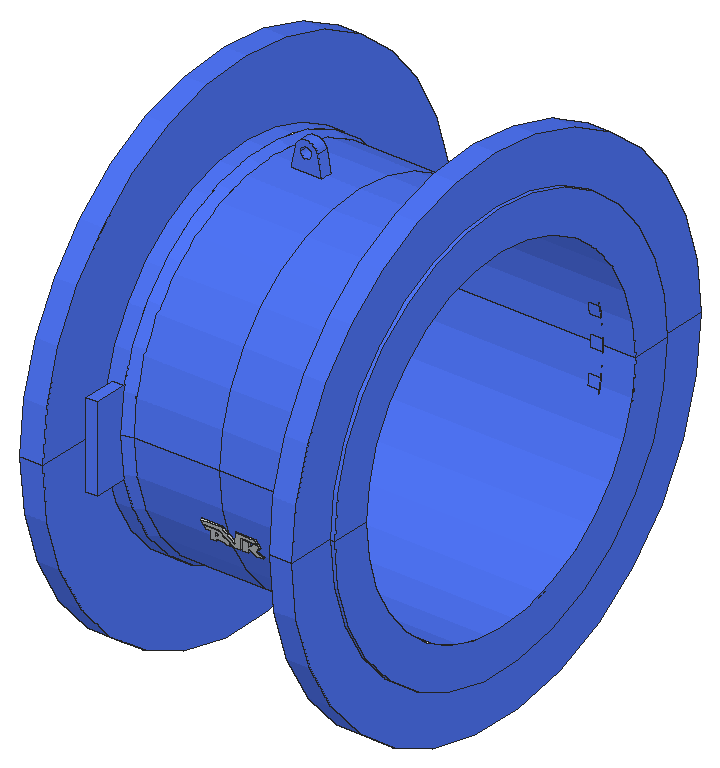
Revit family "712-4320-001-DN40-300", category Pipe Accessories, Revit 2019
Family settings
  Round Connector Dimension = Use Diameter
  Part Type = Valve - Breaks Into
  Work Plane-Based = No
  Always vertical = Yes
  Cut with Voids When Loaded = No
  Shared = No
Parameters (values of type "DN300_PN16")
  Search_Table = "712-4320-001-DN40-300"
  Rib = [ID(Radius)] / 2  # 75 mm
  Rf_Dia = size_lookup(Search_Table, "Rf_Dia", 0 mm, [Nominal Diameter (DN)]) / 2  # 185 mm
  RF_Thick = size_lookup(Search_Table, "Rf_Thickness", 0 mm, [Nominal Diameter (DN)])  # 4 mm
  L = 250 mm  # constant formula
  ID(Radius) = [Nominal Diameter (DN)] / 2  # 150 mm
  Flange_thickness = size_lookup(Search_Table, "Flange_thickness", 0 mm, [Nominal Diameter (DN)])  # 24 mm
  Nominal Diameter (DN) = 300 mm
  FOD = size_lookup(Search_Table, "FOD", 0 mm, [Nominal Diameter (DN)]) / 2  # 227.5 mm
  URL product pages = "https://www.avkvalves.com/P.aspx?no=712004043201"
  Description_ = "AVK FLANGED PIPE W/LOOSE FLANGES"
  DN300_PN16 = "712-0300-43-201"
  DN300_PN10 = "712-0300-43-200"
  DN250_PN16 = "712-0250-43-201"
  DN250_PN10 = "712-0250-43-200"
  DN200_PN16 = "712-0200-43-201"
  DN200_PN10 = "712-0200-43-200"
  DN150_PN10/16 = "712-0150-43-201"
  DN125_PN10/16 = "712-0125-43-201"
  DN100_PN10/16 = "712-0100-43-201"
  DN080_PN10/16 = "712-0080-43-201"
  DN065_PN10/16 = "712-0065-43-201"
  DN050_PN10/16 = "712-0050-43-201"
  DN040_PN10/16 = "712-0040-43-201"
  Body_wallthickness = 10 mm  # constant formula
Types (14, lengths in mm): name | Rib | Rf_Dia | RF_Thick | ID(Radius) | Flange_thickness | Nominal Diameter (DN) | FOD | DN300_PN10
  (no name) | 75 | 185 | 4 | 150 | 24 | 300 | 227.5 | "712-0300-43-200"
  DN080_PN10/16 | 20 | 66 | 3 | 40 | 19 | 80 | 100 | "712-0300-43-200\r\n712-0300-43-200"
  DN100_PN10/16 | 25 | 78 | 3 | 50 | 19 | 100 | 110 | "712-0300-43-200"
  DN150_PN10/16 | 37.5 | 105.5 | 4 | 75 | 20 | 150 | 142.5 | "712-0300-43-200"
  DN040_PN10/16 | 10 | 42 | 3 | 20 | 19 | 40 | 75 | "712-0300-43-200"
  DN050_PN10/16 | 12.5 | 49.5 | 3 | 25 | 19 | 50 | 82.5 | "712-0300-43-200"
  DN065_PN10/16 | 16.25 | 59 | 3 | 32.5 | 19 | 65 | 92.5 | "712-0300-43-200"
  DN200_PN10 | 50 | 133 | 4 | 100 | 20 | 200 | 170 | "712-0300-43-200"
  DN250_PN10 | 62.5 | 159.5 | 4 | 125 | 22 | 250 | 200 | "712-0300-43-200"
  DN250_PN16 | 62.5 | 159.5 | 4 | 125 | 22 | 250 | 200 | "712-0300-43-200"
  DN200_PN16 | 50 | 133 | 4 | 100 | 20 | 200 | 170 | "712-0300-43-200"
  DN300_PN10 | 75 | 185 | 4 | 150 | 24 | 300 | 227.5 | "712-0300-43-200"
  DN300_PN16 | 75 | 185 | 4 | 150 | 24 | 300 | 227.5 | "712-0300-43-200"
  DN125_PN10/16 | 31.25 | 92 | 3 | 62.5 | 19 | 125 | 125 | "712-0300-43-200"
Reference planes
  plane 1 "Center (Front/Back)": y = 0
  plane 2: z = 0
  plane 3 "Center (Left/Right)": x = 0
  plane 4: y = 150
  plane 5: x = -125
  plane 6: x = -101
  plane 7: x = 101
  plane 8: x = 125
  plane 9: y = 160
  plane 10: y = 227.5
  plane 11: y = 5
Forms (mm)
  Revolve 1, solid, material "Plastic"
    sketch origin (0, 0, 0) x (1, 0, 0) y (0, 1, 0)
      loop
        line (-101, 227.5) -> (-125, 227.5) -> (-125, 150) -> (125, 150) -> (125, 227.5) -> (101, 227.5) -> (101, 160) -> (86, 160) -> (76.603, 156.58) -> (0, 156.58) -> (-76.603, 156.58) -> (-86, 160) -> (-101, 160) -> (-101, 227.5)
      axis (-125, 0) -> (125, 0)
    angle from 0 to 360
  Revolve 2, void
    sketch origin (0, 0, 0) x (1, 0, 0) y (0, 1, 0)
      loop
        line (125, 227.5) -> (121, 227.5) -> (121, 185) -> (125, 185) -> (125, 227.5)
      loop
        line (-125, 227.5) -> (-125, 185) -> (-121, 185) -> (-121, 227.5) -> (-125, 227.5)
      axis (-125, 0) -> (125, 0)
    angle from 0 to 360
  Extrusion 3, solid, material "Plastic"
    sketch origin (0, 0, 0) x (1, 0, 0) y (0, 0, 1)
      loop
        line (-86, 37.5) -> (-96, 37.5) -> (-96, -37.5) -> (-86, -37.5) -> (-86, 37.5)
      loop
        line (86, 37.5) -> (86, -37.5) -> (96, -37.5) -> (96, 37.5) -> (86, 37.5)
    from -185 to 185
  Revolve 4, void
    sketch origin (0, 0, 0) x (1, 0, 0) y (0, 0, 1)
      loop
        line (-125, 150) -> (-125, 0) -> (125, 0) -> (125, 150) -> (-125, 150)
      axis (-125, 0) -> (125, 0)
    angle from 0 to 360
Cuts and joins
  Revolve 2, Revolve 4 cuts Revolve 1
  Revolve 4 cuts Extrusion 3
Dimensions and locks
  "Flange_thickness": plane 7 to plane 8
  equal spacing: plane 5, plane 3 "Center (Left/Right)", plane 8
  "L": plane 5 to plane 8
  "ID(Radius)": plane 1 "Center (Front/Back)" to plane 4
  "Flange_thickness": plane 5 to plane 6
  "Body_wallthickness": plane 9 to plane 4
  "FOD": plane 1 "Center (Front/Back)" to plane 10
  "RF_Thick": Revolve 2 sketch curve to Revolve 2 sketch curve
  "Rf_Dia": plane 1 "Center (Front/Back)" to Revolve 2 sketch curve
  "FOD": plane 1 "Center (Front/Back)" to Revolve 2 sketch curve
  "RF_Thick": Revolve 1 to Revolve 2 sketch curve
  equal spacing: Extrusion 3 sketch curve, level, Extrusion 3 sketch curve
  locked: Extrusion 3 sketch curve to Extrusion 3 sketch curve at 10  (x2)
  "Rf_Dia": Extrusion 3 to plane 1 "Center (Front/Back)"  (x2)
  "ID(Radius)": Revolve 4 sketch curve to level
  "Rib": Extrusion 3 sketch curve to Extrusion 3 sketch curve
  cut or joined group of Revolve 1, Revolve 2, Revolve 4 to cut or joined group of Revolve 1, Revolve 2, Revolve 4 = 250 mm
  locked: plane 11 to plane 1 "Center (Front/Back)" at 5
  "ID(Radius)": level to nested 2
  aligned and locked: level to plane 2
  aligned and locked: plane 5 to Revolve 1 sketch curve
  aligned and locked: plane 6 to Revolve 1 sketch curve
  aligned and locked: plane 7 to Revolve 1 sketch curve
  aligned and locked: plane 8 to Revolve 1 sketch curve
  aligned and locked: plane 10 to Revolve 1 sketch curve  (x2)
  aligned and locked: Revolve 1 sketch curve to plane 10
  aligned and locked: plane 1 "Center (Front/Back)" to Revolve 1 sketch curve
  aligned and locked: Revolve 2 sketch curve to Revolve 1  (x2)
  aligned and locked: Revolve 2 sketch curve to Revolve 2 sketch curve  (x2)
  aligned and locked: plane 1 "Center (Front/Back)" to Revolve 2 sketch curve
  aligned and locked: Extrusion 3 sketch curve to Extrusion 3 sketch curve  (x2)
  aligned and locked: Revolve 4 sketch curve to cut or joined group of Revolve 1, Revolve 2, Revolve 4  (x2)
  aligned and locked: cut or joined group of Revolve 1, Revolve 2, Revolve 4 to Revolve 4 sketch curve
  aligned and locked: Revolve 4 sketch curve to Revolve 4 sketch curve
  aligned and locked: Extrusion 3 sketch curve to cut or joined group of Revolve 1, Revolve 2, Revolve 4  (x2)
  aligned and locked: plane 11 to nested 2
Automatic sketch dimensions
  Revolve 1 sketch curve to plane 9 = 0 mm
  Revolve 1 sketch curve to plane 3 "Center (Left/Right)" = 0 mm
  plane 9 to Revolve 1 sketch curve = 0 mm
  plane 4 to Revolve 1 sketch curve = 0 mm
  Revolve 1 sketch curve to Revolve 1 sketch curve = 15 mm
  Revolve 1 sketch curve to plane 9 = 3.42 mm
  Revolve 1 sketch curve to Revolve 1 sketch curve = 9.397 mm  (x2)
  Revolve 1 sketch curve to plane 7 = 24.397 mm
  plane 6 to Revolve 1 sketch curve = 11 mm
  plane 3 "Center (Left/Right)" to Revolve 1 sketch curve = 15 mm
  Revolve 2 sketch curve to plane 3 "Center (Left/Right)" = 7 mm
  plane 3 "Center (Left/Right)" to Revolve 2 sketch curve = 18 mm
  plane 3 "Center (Left/Right)" to Revolve 4 sketch curve = 10 mm
  Revolve 4 sketch curve to Revolve 4 sketch curve = 40 mm
Nested families
  nested 1: "LOGO - Copy - Copy - Copy - Copy.0002" at (6, -137.392, -75.104) x (1, 0, 0) z (0, -0.8775, -0.4797), type "LOGO - Copy - Copy - Copy - Copy.0002"
  nested 2: "Hook" at (-44, 5, 150), type "Hook"
Connectors
  piping at (125, 0, 0), diameter 300, driven by "Nominal Diameter (DN)"
    settings: on Revolve 1, index 1, connector inside diameter 609.6 mm, connector length 0 mm, flow factor 0, pipe flow 0.0 L/s, pressure drop 0.0 Pa, fitting loss kfactor 0, connector angle 0.00°, fixture units 0, engagement length 0 mm, angle of deflection 0.00°, flow configuration 0, flow direction 0, fitting loss method 0, system type 7, joint type 0, gender type 0, connector reference index -1, connector utility 0, adjustable connector no, is connector primary yes, connector description ""
  piping at (-125, 0, 0), diameter 300, driven by "Nominal Diameter (DN)"
    settings: on Revolve 1, index 2, connector inside diameter 609.6 mm, connector length 0 mm, flow factor 0, pipe flow 0.0 L/s, pressure drop 0.0 Pa, fitting loss kfactor 0, connector angle 0.00°, fixture units 0, engagement length 0 mm, angle of deflection 0.00°, flow configuration 0, flow direction 0, fitting loss method 0, system type 7, joint type 0, gender type 0, connector reference index -1, connector utility 0, adjustable connector no, is connector primary no, connector description ""
Definition of nested family "LOGO - Copy - Copy - Copy - Copy.0002"
  Parameters (values of type "LOGO - Copy - Copy - Copy - Copy.0002")
    Default Elevation = 1219.2 mm
  Reference planes
    plane 1 "Center (Front/Back)": y = 0
    plane 2: z = 0
    plane 3 "Center (Left/Right)": x = 0
  Forms (mm)
    Extrusion 1, solid
      sketch origin (0, 0, 0) x (1, 0, 0) y (0, 1, 0)
        loop
          line (-1219.2, 1219.2) -> (-1219.2, -1219.2) -> (1219.2, -1219.2) -> (1219.2, 1219.2) -> (-1219.2, 1219.2)
      from 0 to -304.8
    Extrusion 2, solid
      sketch origin (0, 0, 0) x (1, 0, 0) y (0, 1, 0)
        loop
          line (-6.514, 34.224) -> (-24, 34.224) -> (-24, 29.481) -> (-9.766, 29.481) -> (-2.391, 11.367) -> (2.391, 11.367) -> (9.766, 29.481) -> (24, 29.481) -> (24, 34.224) -> (6.514, 34.224) -> (0, 18.224) -> (-6.514, 34.224)
        loop
          line (-10.996, 27.653) -> (-24, 27.653) -> (-24, 23.081) -> (-19.503, 23.081) -> (-24, 11.367) -> (-18.92, 11.367) -> (-17.955, 13.881) -> (-10.51, 13.881) -> (-9.486, 11.367) -> (-4.365, 11.367) -> (-10.996, 27.653)
        loop
          line (-16.777, 18.224) -> (-12.278, 18.224) -> (-14.594, 23.912) -> (-16.777, 18.224)
        loop
          line (4.365, 11.367) -> (9.486, 11.367) -> (12.093, 17.77) -> (16.918, 11.367) -> (22.857, 11.367) -> (17.399, 18.61)
          arc (17.399, 18.61) -> (20.583, 20.18) -> (22.629, 23.081) r 7.2
          line (22.629, 23.081) -> (24, 23.081) -> (24, 27.653) -> (19.429, 27.653)
          arc (19.429, 27.653) -> (17.763, 23.526) -> (13.699, 21.714) r 5.943
          line (13.699, 21.714) -> (16.117, 27.653) -> (10.996, 27.653) -> (4.365, 11.367)
      from 0 to 1
  Dimensions and locks
    aligned and locked: plane 2 to Extrusion 1
    aligned and locked: level to Extrusion 1
    aligned and locked: Extrusion 2 sketch curve to import instance
Definition of nested family "Hook"
  Reference planes
    plane 1 "Center (Front/Back)": y = 0
    plane 2: z = 0
    plane 3 "Center (Left/Right)": x = 0
  Forms (mm)
    Extrusion 1, solid
      sketch origin (0, 0, 0) x (1, 0, 0) y (0, 0, 1)
        loop
          line (-15, 0) -> (15, 0) -> (9.771, 23.998)
          arc (9.771, 23.998) -> (0, 31.869) -> (-9.771, 23.998) r 10
          line (-9.771, 23.998) -> (-15, 0)
        loop
          circle (0, 21.869) r 5
      from 0 to 10
  Dimensions and locks
    aligned and locked: level to plane 2
